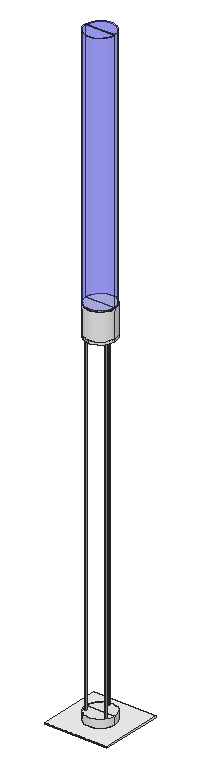
Revit family "BE_50672.1_de_DE", category Leuchten, Revit 2020
Family settings
  Basisbauteil = Fläche
  Bemaßung runder Anschluss = Durchmesser verwenden
  Teiletyp = Normal
  Beim Laden mit Abzugskörper schneiden = Ja
  Lichtquelle = Ja
  Gemeinsam genutzt = Nein
  Raumberechnungspunkt = Ja
Parameters (values of type "BEGA_50672.1_Weiß_K4")
  built-in parameter 1150104 = 14.957 (stored number, unit not read)
  Wattage = 105.6 W
  Default Elevation = 0 mm
  built-in parameter 1150113 = 1 (stored number, unit not read)
  built-in parameter 1114218 = 1 (stored number, unit not read)
  Umgebungstemperatur = "25 °C"
  URL = "https://www.bega.com/de/produkt/50672.1"
  Typenkommentare = "© 2022 BEGA. Wir behalten uns das Recht vor, technische Änderungen ohne vorherige Ankündigung vorzunehmen."  # constant formula
  built-in parameter 1150134 = 12
  built-in parameter 1150109 = 1 (stored number, unit not read)
  Strom = ""
  built-in parameter 1150110 = 1 (stored number, unit not read)
  Spannung = 239.996 V
  Sonderanfertigung = no
  Seriennummer [instance] = "Hier können Sie die eindeutige Seriennummer für das Facility Management eintragen."
  Schutzklasse = "I"
  Schutzart = "IP 20"
  Scheinlast = 0 VA
  Produktdatenblatt = "https://cdn.bega.com/bega/products/50672.1K4/current/documents/data-sheets/de"
  Oberflächentemperatur = ""
  Neigungswinkel = 0.00°
  Modell = "50672.1K4"
  Material_17 = BEGA_Reflektor
  Material_15 = BEGA_Leuchtmedium_matt
  Material_11 = BEGA_Glas_opal
  Material_09 = BEGA_Glas_klar
  Material_06 = BEGA_Oberfläche_Edelstahl_gebürstet
  Material_03 = BEGA_Oberfläche_Weiss_matt
  Material_02 = BEGA_Oberfläche_Silber_matt
  Material_01 [instance] = BEGA_Oberfläche_Grafit_matt
  M_W = yes
  M_G = no
  M_A = no
  Logo = 0
  built-in parameter 1114217 = 1 (stored number, unit not read)
  built-in parameter 1150139 = (empty or 0)
  built-in parameter 1150105 = 1352.9 (stored number, unit not read)
  built-in parameter 1150114 = 1 (stored number, unit not read)
  Lumens = 17001.6 lm
  built-in parameter 1150115 = 1 (stored number, unit not read)
  Leuchtenlichtstrom = "12945 lm"
  Leuchtenanzahl = ""
  Lebensdauerkriterien = "L70B50 @ 25 °C = 200000 h"
  Lastklassifizierung = Beleuchtung
  built-in parameter 1150112 = 1 (stored number, unit not read)
  Lampenlichtstrom = "17580 lm"
  Lampe = "LED 104.4 W"
  LED_Modulbezeichnung = "LED-0694/940"
  Hersteller = "BEGA"  # constant formula
  Halbstreuwinkel = ""
  Gewicht = "12.0 kg"
  Gebrauchslageneinschränkung [instance] = ""
  Frequenz = "0/50-60 Hz"
  Farbwiedergabeindex = "CRI > 90"
  Farbtemperaturverschiebung bei Dämpfen der Lampe = <Keine Auswahl>
  Farbtemperatur = "4000 K"
  Color Filter = 16777215
  built-in parameter 1150133 = 10 (stored number, unit not read)
  Energieeffizienzklasse = "LED A++ - A"
  built-in parameter 1150137 = (empty or 0)
  built-in parameter 1150132 = (empty or 0)
  ENEC = "ja"
  Dimmbar [instance] = "DALI"
  Datei für fotometrisches Netz = "BE_50672.1K4.IES"
  CE_Konformität = "ja"
  Bestellnummer = "50672.1K4"
  Beschreibung_Sonderanfertigung = "Hier können Sie Informationen zur Sonderanfertigung eintragen."
  Beschreibung = "Großraum-Pendelleuchte"
  built-in parameter 1150106 = 13.529 (stored number, unit not read)
  Befestigungsbohrung = ""
  Befestigungsabstand = ""
  Ballwurfsicher = ""
  BEGA_Intern_aus = yes
  BEGA_Intern_an = yes
  BEGA_Intern_Konstruktion = yes
  BEGA_Intern = yes
  BEGA_IES = yes
  BEGA_Dummy = no
  Anschlussleitung = ""
  Anschlussleistung [instance] = "120 W"
  Anschlusskasten = ""
  built-in parameter 1150107 = 4000 (stored number, unit not read)
  built-in parameter 1150102 = (empty or 0)
  built-in parameter 1150138 = (empty or 0)
  Aktualisierung = "2022-05-19T04:00:07"
  Abstand_zur_angestrahlten_Fläche [instance] = ""
  AC/DC = "AC/DC"
Types (2, lengths in mm): name | built-in parameter 1150104 | built-in parameter 1150134 | Modell | built-in parameter 1150105 | Lumens | Leuchtenlichtstrom | Lampenlichtstrom | LED_Modulbezeichnung | Farbtemperatur | Datei für fotometrisches Netz | Bestellnummer | built-in parameter 1150106 | built-in parameter 1150107
  BEGA_50672.1_Weiß_K4 | 14.957 (stored number, unit not read) | 12 | "50672.1K4" | 1352.9 (stored number, unit not read) | 17001.6 lm | "12945 lm" | "17580 lm" | "LED-0694/940" | "4000 K" | "BE_50672.1K4.IES" | "50672.1K4" | 13.529 (stored number, unit not read) | 4000 (stored number, unit not read)
  BEGA_50672.1_Weiß_K3 | 14.4 (stored number, unit not read) | (empty or 0) | "50672.1K3" | 1302.5 (stored number, unit not read) | 16368 lm | "12534 lm" | "16620 lm" | "LED-0694/930" | "3000 K" | "BE_50672.1K3.IES" | "50672.1K3" | 13.025 (stored number, unit not read) | 3000 (stored number, unit not read)
Reference planes
  plane 1 "Mitte (Vorne/Hinten)": y = 0
  plane 2: z = 0
  plane 3 "Mitte (Links/Rechts)": x = 0
  plane 4 "Links": x = -95
  plane 5 "Rechts": x = 95
  plane 6 "Unten": y = -94.989
  plane 7 "Oben": y = 95
  plane 8 "Vorne": z = 4000.379
  plane 9 "Hinten": z = 0
Forms (mm)
  Extrusion 1, solid, material "BEGA_Platte_Weiss"
    sketch origin (0, -1119.2, 0) x (1, 0, 0) y (0, 1, 0)
      loop
        line (-200, 1319.2) -> (-200, 919.2) -> (200, 919.2) -> (200, 1319.2) -> (-200, 1319.2)
    from 0 to -10
  Extrusion 2, solid, material "BEGA_Dummy_matt", visible <- "BEGA_Dummy"
    sketch origin (77.149, -76.023, 0) x (1, 0, 0) y (0, 1, 0)
      loop
        circle (-77.149, 76.023) r 95
    from 0 to 4000.379
Dimensions and locks
  plane 1 "Mitte (Vorne/Hinten)" to Extrusion 1 = 200 mm
  aligned and locked: plane 2 to Extrusion 1
  aligned and locked: level to Extrusion 1
Nested families
  nested 1: "BE_50672.1" at (0, 0, 0), type "BE_50672.1"
Connectors
  electrical at (0, 0, 0), driven by "Lastklassifizierung", driven by "Spannung", driven by "Scheinlast"
    settings: index 1, voltage 239.996 V, apparent load 0 VA, apparent load phase1 0 VA, apparent load phase2 0 VA, apparent load phase3 0 VA, power factor 1, load classification "Beleuchtung", number of poles 1, system type 31, power factor state 1, is connector primary yes, connector utility no, sub classification motor no, connector description ""
Definition of nested family "BE_50672.1"
  Parameters (values of type "BE_50672.1")
    Default Elevation = 1 mm
    URL = "http://www.bega.de/de/produkt"
    Type Comments = "© 2015 BEGA. Wir behalten uns das Recht vor, technische Änderungen ohne vorherige Ankündigung vorzunehmen. "  # constant formula
    Type Image = (empty or 0)
    Neigungswinkel_um_Z2 = 0.00°
    Neigungswinkel_um_Z1 = 0.00°
    Neigungswinkel_um_Y2 = 0.00°
    Neigungswinkel_um_Y1 = 0.00°
    Neigungswinkel_um_X2 = 0.00°
    Neigungswinkel_um_X1 = 0.00°
    Material_17 = none
    Material_15 = none
    Material_11 = none
    Material_09 = none
    Material_06 = none
    Material_03 = none
    Material_02 = none
    Material_01 = none
    M_W = yes
    M_G = yes
    M_A = yes
    Länge_Platte = 400 mm  # constant formula
    Höhe_Platte = -20 mm  # constant formula
    Manufacturer = "BEGA"  # constant formula
    Drehwinkel_um_Z2 = 0.00°
    Drehwinkel_um_Z1 = 0.00°
    Breite_Platte = 400 mm  # constant formula
  Reference planes
    plane 1 "Mitte (Oben/Unten)": y = 0
    plane 2: z = 0
    plane 3 "Mitte (Links/Rechts)": x = 0
    plane 4 "Vorne": z = 4000
    plane 5 "Hinten": z = 0
    plane 6 "Links": x = -95
    plane 7 "Rechts": x = 95
    plane 8 "Oben": y = 95
    plane 9 "Unten": y = -94.989
  Forms (mm)
    Extrusion 1, solid, detail levels medium
      sketch origin (0, 0, 0) x (1, 0, 0) y (0, 1, 0)
        loop
          line (-200, 200) -> (-200, -200) -> (200, -200) -> (200, 200) -> (-200, 200)
      from 0 to -20 <- "Höhe_Platte"
    Revolve 2, solid, material <- "Material_03"
      sketch origin (0, 0, 0) x (1, 0, 0) y (0, 0, 1)
        loop
          line (-92.5, 51.2) -> (-92.5, 1.2) -> (-90, 1.2) -> (-90, 0) -> (0, 0) -> (0, 1.5) -> (-91.5, 1.5) -> (-91.5, 50.2) -> (0, 50.2) -> (0, 51.2) -> (-92.5, 51.2)
        axis (0, 0) -> (0, 51.2)
      angle from 0 to 360
    Revolve 3, solid, material <- "Material_11"
      sketch origin (0, 0, 0) x (1, 0, 0) y (0, 0, 1)
        loop
          line (-95, 4000) -> (-95, 2413) -> (-91, 2413) -> (-91, 3996) -> (0, 3996) -> (0, 4000) -> (-95, 4000)
        axis (0, 2413) -> (0, 4000)
      angle from 0 to 360
    Revolve 4, solid, material <- "Material_03"
      sketch origin (0, 0, 0) x (1, 0, 0) y (0, 0, 1)
        loop
          line (-91, 2419) -> (-91, 2412) -> (-95, 2412) -> (-95, 2241) -> (-94, 2241) -> (-94, 2239.45) -> (-95, 2239.45) -> (-94.871, 2224.753)
          arc (-94.871, 2224.753) -> (-66.849, 2223.24) -> (-38.803, 2222.252) r 1500
          line (-38.803, 2222.252) -> (0, 2222.25) -> (0, 2249) -> (-45.413, 2249) -> (-46.235, 2225.464)
          arc (-46.235, 2225.464) -> (-69.125, 2226.347) -> (-92, 2227.579) r 1497
          line (-92, 2227.579) -> (-92, 2400) -> (0, 2400) -> (0, 2419) -> (-91, 2419)
        axis (0, 2222.25) -> (0, 2419)
      angle from 0 to 360
    Extrusion 5, solid, material <- "Material_06"
      sketch origin (0, 0, 0) x (1, 0, 0) y (0, 1, 0)
        loop
          circle (0, 75) r 3.6
        loop
          circle (64.952, -37.5) r 3.6
        loop
          circle (-64.952, -37.5) r 3.6
      from 50.2 to 2227.579
  Dimensions and locks
    equal spacing: Extrusion 1 sketch curve, plane 3 "Mitte (Links/Rechts)", Extrusion 1 sketch curve
    equal spacing: Extrusion 1 sketch curve, plane 1 "Mitte (Oben/Unten)", Extrusion 1 sketch curve
    "Länge_Platte": Extrusion 1 sketch curve to Extrusion 1 sketch curve
    "Breite_Platte": Extrusion 1 sketch curve to Extrusion 1 sketch curve
    aligned and locked: plane 2 to Extrusion 1
    aligned and locked: level to Extrusion 1
  Automatic sketch dimensions
    Revolve 2 sketch curve to level = 0 mm
    Revolve 2 sketch curve to plane 3 "Mitte (Links/Rechts)" = 0 mm  (x3)
    level to Revolve 2 sketch curve = 1.2 mm
    Revolve 2 sketch curve to plane 3 "Mitte (Links/Rechts)" = 90 mm
    Revolve 2 sketch curve to Revolve 2 sketch curve = 1.5 mm  (x2)
    Revolve 2 sketch curve to Revolve 2 sketch curve = 1 mm  (x2)
    Revolve 2 sketch curve to Revolve 2 sketch curve = 48.7 mm
    Revolve 2 sketch curve to Revolve 2 sketch curve = 6.973 mm
    Revolve 2 sketch curve to Revolve 2 sketch curve = 15 mm
    Revolve 3 sketch curve to plane 4 "Vorne" = 0 mm
    Revolve 3 sketch curve to plane 3 "Mitte (Links/Rechts)" = 0 mm  (x2)
    Revolve 3 sketch curve to plane 3 "Mitte (Links/Rechts)" = 95 mm
    Revolve 3 sketch curve to plane 4 "Vorne" = 4 mm
    Revolve 3 sketch curve to Revolve 3 sketch curve = 4 mm
    Revolve 3 sketch curve to Revolve 3 sketch curve = 15 mm
    Revolve 4 sketch curve to Revolve 4 sketch curve = 0 mm  (x3)
    Revolve 4 sketch curve to plane 3 "Mitte (Links/Rechts)" = 0 mm  (x4)
    Revolve 4 sketch curve to plane 3 "Mitte (Links/Rechts)" = 38.803 mm
    Revolve 4 sketch curve to Revolve 4 sketch curve = 6.61 mm
    Revolve 4 sketch curve to Revolve 4 sketch curve = 7.432 mm
    Revolve 4 sketch curve to Revolve 4 sketch curve = 91 mm
    Revolve 4 sketch curve to Revolve 4 sketch curve = 45.765 mm
    Revolve 4 sketch curve to Revolve 4 sketch curve = 2 mm
    Revolve 4 sketch curve to Revolve 4 sketch curve = 1 mm  (x2)
    Revolve 4 sketch curve to Revolve 4 sketch curve = 151 mm
    Revolve 4 sketch curve to Revolve 4 sketch curve = 8 mm
    Revolve 4 sketch curve to Revolve 4 sketch curve = 1.55 mm
    Revolve 4 sketch curve to Revolve 4 sketch curve = 11.871 mm
    Revolve 4 sketch curve to Revolve 4 sketch curve = 23.536 mm
    Revolve 4 sketch curve to Revolve 4 sketch curve = 3.212 mm
    Revolve 4 sketch curve to Revolve 4 sketch curve = 26.75 mm
    Revolve 4 sketch curve to Revolve 4 sketch curve = 2.871 mm
    Revolve 4 sketch curve to Revolve 4 sketch curve = 25 mm
    Revolve 4 sketch curve to Revolve 4 sketch curve = 35 mm
    Revolve 3 sketch curve to Revolve 3 sketch curve = 1583 mm
    Revolve 3 sketch curve to Revolve 3 sketch curve = 142.727 mm
    Revolve 4 sketch curve to plane 4 "Vorne" = 1777.75 mm
    Revolve 4 sketch curve to Revolve 4 sketch curve = 12 mm
    Revolve 4 sketch curve to Revolve 4 sketch curve = 19 mm
